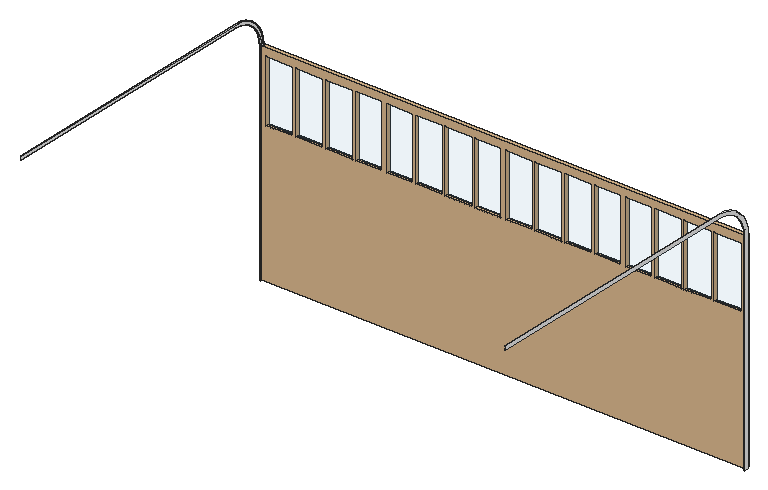
Revit family
Parameters (values of type "7Ft H x 16Ft W")
  Track Width = Width + 0' 2"  # 16' - 2"
  Track Height = Height + 1' 0"  # 8' - 0"
  Track Depth = 10' - 0"
  Track = Metal
  SmartBIM Object Version = 1  # constant formula
  SmartBIM Object Created By = "Reed Construction Data"  # constant formula
  Panel Thickness = 0' - 1 1/2"
  Manufacturer = ""
  Height = 7' - 0"
  Wall Closure = (empty or 0)
  Width = 16' - 0"
  Door Glass = Glass
  Door = Wood
  Assembly Code = ""
  95 CSI = "08360"  # constant formula
  04 CSI = "08 36 13"  # constant formula
Types (2): name | Track Width | Width
  7Ft H x 8Ft W | 8' - 2" | 8' - 0"
  7Ft H x 16Ft W | 16' - 2" | 16' - 0"
Reference planes (in)
  plane 1 "Center (Front/Back)": y = 0
  plane 2 "Center (Left/Right)": x = 0
  plane 3 "Left": x = -96
  plane 4 "Right": x = 96
  plane 5 "Top": z = 84
  plane 6: x = -97
  plane 7: x = 97
  plane 8: y = -2.5
  plane 9: x = -48
  plane 10: x = 48
  plane 11: z = 81
  plane 12: z = 3
  plane 13: z = 55
  plane 14: z = 29
  plane 15: x = 84
  plane 16: x = 72
  plane 17: x = 60
  plane 18: x = 12
  plane 19: x = 24
  plane 20: x = 36
  plane 21: x = -12
  plane 22: x = -24
  plane 23: x = -36
  plane 24: x = -84
  plane 25: x = -72
  plane 26: x = -60
  plane 27: z = 56
  plane 28 "Exterior": y = -1.75
  plane 29 "Interior": y = -3.25
  plane 30: y = -2.5
  plane 31: y = -2.5
Forms (in)
  Extrusion 1, solid, material "Wood" <- "Door"
    sketch origin (0, 0, 0) x (1, 0, 0) y (0, 0, 1)
      loop
        line (-97, 84) -> (-97, 0) -> (97, 0) -> (97, 84) -> (-97, 84)
      loop
        line (-95.5, 56) -> (-84.5, 56) -> (-84.5, 81) -> (-95.5, 81) -> (-95.5, 56)
      loop
        line (95.5, 56) -> (95.5, 81) -> (84.5, 81) -> (84.5, 56) -> (95.5, 56)
      loop
        line (83.5, 56) -> (83.5, 81) -> (72.5, 81) -> (72.5, 56) -> (83.5, 56)
      loop
        line (71.5, 56) -> (71.5, 81) -> (60.5, 81) -> (60.5, 56) -> (71.5, 56)
      loop
        line (59.5, 56) -> (59.5, 81) -> (49, 81) -> (49, 56) -> (59.5, 56)
      loop
        line (47, 56) -> (47, 81) -> (36.5, 81) -> (36.5, 56) -> (47, 56)
      loop
        line (1, 81) -> (1, 56) -> (11.5, 56) -> (11.5, 81) -> (1, 81)
      loop
        line (-1, 56) -> (-1, 81) -> (-11.5, 81) -> (-11.5, 56) -> (-1, 56)
      loop
        line (-47, 81) -> (-47, 56) -> (-36.5, 56) -> (-36.5, 81) -> (-47, 81)
      loop
        line (-49, 56) -> (-49, 81) -> (-59.5, 81) -> (-59.5, 56) -> (-49, 56)
      loop
        line (35.5, 56) -> (35.5, 81) -> (24.5, 81) -> (24.5, 56) -> (35.5, 56)
      loop
        line (23.5, 56) -> (23.5, 81) -> (12.5, 81) -> (12.5, 56) -> (23.5, 56)
      loop
        line (-12.5, 56) -> (-12.5, 81) -> (-23.5, 81) -> (-23.5, 56) -> (-12.5, 56)
      loop
        line (-24.5, 56) -> (-24.5, 81) -> (-35.5, 81) -> (-35.5, 56) -> (-24.5, 56)
      loop
        line (-60.5, 56) -> (-60.5, 81) -> (-71.5, 81) -> (-71.5, 56) -> (-60.5, 56)
      loop
        line (-72.5, 56) -> (-72.5, 81) -> (-83.5, 81) -> (-83.5, 56) -> (-72.5, 56)
    from 3.25 to 1.75
  Extrusion 2, solid, material "Glass" <- "Door Glass"
    sketch origin (0, -1.75, 0) x (1, 0, 0) y (0, 0, 1)
      loop
        line (84.5, 81) -> (84.5, 56) -> (95.5, 56) -> (95.5, 81) -> (84.5, 81)
      loop
        line (72.5, 81) -> (72.5, 56) -> (83.5, 56) -> (83.5, 81) -> (72.5, 81)
      loop
        line (60.5, 81) -> (60.5, 56) -> (71.5, 56) -> (71.5, 81) -> (60.5, 81)
      loop
        line (49, 81) -> (49, 56) -> (59.5, 56) -> (59.5, 81) -> (49, 81)
      loop
        line (36.5, 81) -> (36.5, 56) -> (47, 56) -> (47, 81) -> (36.5, 81)
      loop
        line (24.5, 81) -> (24.5, 56) -> (35.5, 56) -> (35.5, 81) -> (24.5, 81)
      loop
        line (12.5, 81) -> (12.5, 56) -> (23.5, 56) -> (23.5, 81) -> (12.5, 81)
      loop
        line (1, 81) -> (1, 56) -> (11.5, 56) -> (11.5, 81) -> (1, 81)
      loop
        line (-11.5, 81) -> (-11.5, 56) -> (-1, 56) -> (-1, 81) -> (-11.5, 81)
      loop
        line (-23.5, 81) -> (-23.5, 56) -> (-12.5, 56) -> (-12.5, 81) -> (-23.5, 81)
      loop
        line (-35.5, 81) -> (-35.5, 56) -> (-24.5, 56) -> (-24.5, 81) -> (-35.5, 81)
      loop
        line (-47, 81) -> (-47, 56) -> (-36.5, 56) -> (-36.5, 81) -> (-47, 81)
      loop
        line (-59.5, 81) -> (-59.5, 56) -> (-49, 56) -> (-49, 81) -> (-59.5, 81)
      loop
        line (-71.5, 81) -> (-71.5, 56) -> (-60.5, 56) -> (-60.5, 81) -> (-71.5, 81)
      loop
        line (-83.5, 81) -> (-83.5, 56) -> (-72.5, 56) -> (-72.5, 81) -> (-83.5, 81)
      loop
        line (-84.5, 56) -> (-84.5, 81) -> (-95.5, 81) -> (-95.5, 56) -> (-84.5, 56)
    from 0.625 to 0.875
Lines and regions (in)
  Opening 1
    outline origin (-90, -1.75, 0) x (1, 0, 0) y (0, 0, 1)
      loop
        line (-6, 0) -> (186, 0) -> (186, 84) -> (-6, 84) -> (-6, 0)
  model lines
    curve 1: line (95.5, -1.75, 53.5) -> (84.5, -1.75, 53.5)
    curve 2: line (84.5, -1.75, 53.5) -> (84.5, -1.75, 30)
    curve 3: line (95.5, -1.75, 30) -> (95.5, -1.75, 53.5)
    curve 4: line (84.5, -1.75, 30) -> (95.5, -1.75, 30)
    curve 5: line (72.5, -1.75, 53.5) -> (83.5, -1.75, 53.5)
    curve 6: line (83.5, -1.75, 53.5) -> (83.5, -1.75, 30)
    curve 7: line (72.5, -1.75, 30) -> (72.5, -1.75, 53.5)
    curve 8: line (83.5, -1.75, 30) -> (72.5, -1.75, 30)
    curve 9: line (71.5, -1.75, 53.5) -> (60.5, -1.75, 53.5)
    curve 10: line (60.5, -1.75, 53.5) -> (60.5, -1.75, 30)
    curve 11: line (71.5, -1.75, 30) -> (71.5, -1.75, 53.5)
    curve 12: line (60.5, -1.75, 30) -> (71.5, -1.75, 30)
    curve 13: line (49, -1.75, 53.5) -> (59.5, -1.75, 53.5)
    curve 14: line (59.5, -1.75, 53.5) -> (59.5, -1.75, 30)
    curve 15: line (49, -1.75, 30) -> (49, -1.75, 53.5)
    curve 16: line (59.5, -1.75, 30) -> (49, -1.75, 30)
    curve 17: line (47, -1.75, 53.5) -> (36.5, -1.75, 53.5)
    curve 18: line (36.5, -1.75, 53.5) -> (36.5, -1.75, 30)
    curve 19: line (47, -1.75, 30) -> (47, -1.75, 53.5)
    curve 20: line (36.5, -1.75, 30) -> (47, -1.75, 30)
    curve 21: line (24.5, -1.75, 53.5) -> (35.5, -1.75, 53.5)
    curve 22: line (35.5, -1.75, 53.5) -> (35.5, -1.75, 30)
    curve 23: line (24.5, -1.75, 30) -> (24.5, -1.75, 53.5)
    curve 24: line (35.5, -1.75, 30) -> (24.5, -1.75, 30)
    curve 25: line (23.5, -1.75, 53.5) -> (12.5, -1.75, 53.5)
    curve 26: line (12.5, -1.75, 53.5) -> (12.5, -1.75, 30)
    curve 27: line (23.5, -1.75, 30) -> (23.5, -1.75, 53.5)
    curve 28: line (12.5, -1.75, 30) -> (23.5, -1.75, 30)
    curve 29: line (1, -1.75, 53.5) -> (11.5, -1.75, 53.5)
    curve 30: line (11.5, -1.75, 53.5) -> (11.5, -1.75, 30)
    curve 31: line (1, -1.75, 30) -> (1, -1.75, 53.5)
    curve 32: line (11.5, -1.75, 30) -> (1, -1.75, 30)
    curve 33: line (-1, -1.75, 53.5) -> (-11.5, -1.75, 53.5)
    curve 34: line (-11.5, -1.75, 53.5) -> (-11.5, -1.75, 30)
    curve 35: line (-1, -1.75, 30) -> (-1, -1.75, 53.5)
    curve 36: line (-11.5, -1.75, 30) -> (-1, -1.75, 30)
    curve 37: line (-23.5, -1.75, 53.5) -> (-12.5, -1.75, 53.5)
    curve 38: line (-12.5, -1.75, 53.5) -> (-12.5, -1.75, 30)
    curve 39: line (-23.5, -1.75, 30) -> (-23.5, -1.75, 53.5)
    curve 40: line (-12.5, -1.75, 30) -> (-23.5, -1.75, 30)
    curve 41: line (-24.5, -1.75, 53.5) -> (-35.5, -1.75, 53.5)
    curve 42: line (-35.5, -1.75, 53.5) -> (-35.5, -1.75, 30)
    curve 43: line (-24.5, -1.75, 30) -> (-24.5, -1.75, 53.5)
    curve 44: line (-35.5, -1.75, 30) -> (-24.5, -1.75, 30)
    curve 45: line (-47, -1.75, 53.5) -> (-36.5, -1.75, 53.5)
    curve 46: line (-36.5, -1.75, 53.5) -> (-36.5, -1.75, 30)
    curve 47: line (-47, -1.75, 30) -> (-47, -1.75, 53.5)
    curve 48: line (-36.5, -1.75, 30) -> (-47, -1.75, 30)
    curve 49: line (-49, -1.75, 53.5) -> (-59.5, -1.75, 53.5)
    curve 50: line (-59.5, -1.75, 53.5) -> (-59.5, -1.75, 30)
    curve 51: line (-49, -1.75, 30) -> (-49, -1.75, 53.5)
    curve 52: line (-59.5, -1.75, 30) -> (-49, -1.75, 30)
    curve 53: line (-71.5, -1.75, 53.5) -> (-60.5, -1.75, 53.5)
    curve 54: line (-60.5, -1.75, 53.5) -> (-60.5, -1.75, 30)
    curve 55: line (-71.5, -1.75, 30) -> (-71.5, -1.75, 53.5)
    curve 56: line (-60.5, -1.75, 30) -> (-71.5, -1.75, 30)
    curve 57: line (-72.5, -1.75, 53.5) -> (-83.5, -1.75, 53.5)
    curve 58: line (-83.5, -1.75, 53.5) -> (-83.5, -1.75, 30)
    curve 59: line (-72.5, -1.75, 30) -> (-72.5, -1.75, 53.5)
    curve 60: line (-83.5, -1.75, 30) -> (-72.5, -1.75, 30)
    curve 61: line (-95.5, -1.75, 53.5) -> (-84.5, -1.75, 53.5)
    curve 62: line (-84.5, -1.75, 53.5) -> (-84.5, -1.75, 30)
    curve 63: line (-95.5, -1.75, 30) -> (-95.5, -1.75, 53.5)
    curve 64: line (-84.5, -1.75, 30) -> (-95.5, -1.75, 30)
    curve 65: line (95.5, -1.75, 3.5) -> (84.5, -1.75, 3.5)
    curve 66: line (84.5, -1.75, 3.5) -> (84.5, -1.75, 27)
    curve 67: line (95.5, -1.75, 27) -> (95.5, -1.75, 3.5)
    curve 68: line (84.5, -1.75, 27) -> (95.5, -1.75, 27)
    curve 69: line (72.5, -1.75, 3.5) -> (83.5, -1.75, 3.5)
    curve 70: line (83.5, -1.75, 3.5) -> (83.5, -1.75, 27)
    curve 71: line (72.5, -1.75, 27) -> (72.5, -1.75, 3.5)
    curve 72: line (83.5, -1.75, 27) -> (72.5, -1.75, 27)
    curve 73: line (71.5, -1.75, 3.5) -> (60.5, -1.75, 3.5)
    curve 74: line (60.5, -1.75, 3.5) -> (60.5, -1.75, 27)
    curve 75: line (71.5, -1.75, 27) -> (71.5, -1.75, 3.5)
    curve 76: line (60.5, -1.75, 27) -> (71.5, -1.75, 27)
    curve 77: line (49, -1.75, 3.5) -> (59.5, -1.75, 3.5)
    curve 78: line (59.5, -1.75, 3.5) -> (59.5, -1.75, 27)
    curve 79: line (49, -1.75, 27) -> (49, -1.75, 3.5)
    curve 80: line (59.5, -1.75, 27) -> (49, -1.75, 27)
    curve 81: line (47, -1.75, 3.5) -> (36.5, -1.75, 3.5)
    curve 82: line (36.5, -1.75, 3.5) -> (36.5, -1.75, 27)
    curve 83: line (47, -1.75, 27) -> (47, -1.75, 3.5)
    curve 84: line (36.5, -1.75, 27) -> (47, -1.75, 27)
    curve 85: line (24.5, -1.75, 3.5) -> (35.5, -1.75, 3.5)
    curve 86: line (35.5, -1.75, 3.5) -> (35.5, -1.75, 27)
    curve 87: line (24.5, -1.75, 27) -> (24.5, -1.75, 3.5)
    curve 88: line (35.5, -1.75, 27) -> (24.5, -1.75, 27)
    curve 89: line (23.5, -1.75, 3.5) -> (12.5, -1.75, 3.5)
    curve 90: line (12.5, -1.75, 3.5) -> (12.5, -1.75, 27)
    curve 91: line (23.5, -1.75, 27) -> (23.5, -1.75, 3.5)
    curve 92: line (12.5, -1.75, 27) -> (23.5, -1.75, 27)
    curve 93: line (1, -1.75, 3.5) -> (11.5, -1.75, 3.5)
    curve 94: line (11.5, -1.75, 3.5) -> (11.5, -1.75, 27)
    curve 95: line (1, -1.75, 27) -> (1, -1.75, 3.5)
    curve 96: line (11.5, -1.75, 27) -> (1, -1.75, 27)
    curve 97: line (-1, -1.75, 3.5) -> (-11.5, -1.75, 3.5)
    curve 98: line (-11.5, -1.75, 3.5) -> (-11.5, -1.75, 27)
    curve 99: line (-1, -1.75, 27) -> (-1, -1.75, 3.5)
    curve 100: line (-11.5, -1.75, 27) -> (-1, -1.75, 27)
    curve 101: line (-23.5, -1.75, 3.5) -> (-12.5, -1.75, 3.5)
    curve 102: line (-12.5, -1.75, 3.5) -> (-12.5, -1.75, 27)
    curve 103: line (-23.5, -1.75, 27) -> (-23.5, -1.75, 3.5)
    curve 104: line (-12.5, -1.75, 27) -> (-23.5, -1.75, 27)
    curve 105: line (-24.5, -1.75, 3.5) -> (-35.5, -1.75, 3.5)
    curve 106: line (-35.5, -1.75, 3.5) -> (-35.5, -1.75, 27)
    curve 107: line (-24.5, -1.75, 27) -> (-24.5, -1.75, 3.5)
    curve 108: line (-35.5, -1.75, 27) -> (-24.5, -1.75, 27)
    curve 109: line (-47, -1.75, 3.5) -> (-36.5, -1.75, 3.5)
    curve 110: line (-36.5, -1.75, 3.5) -> (-36.5, -1.75, 27)
    curve 111: line (-47, -1.75, 27) -> (-47, -1.75, 3.5)
    curve 112: line (-36.5, -1.75, 27) -> (-47, -1.75, 27)
    curve 113: line (-49, -1.75, 3.5) -> (-59.5, -1.75, 3.5)
    curve 114: line (-59.5, -1.75, 3.5) -> (-59.5, -1.75, 27)
    curve 115: line (-49, -1.75, 27) -> (-49, -1.75, 3.5)
    curve 116: line (-59.5, -1.75, 27) -> (-49, -1.75, 27)
    curve 117: line (-71.5, -1.75, 3.5) -> (-60.5, -1.75, 3.5)
    curve 118: line (-60.5, -1.75, 3.5) -> (-60.5, -1.75, 27)
    curve 119: line (-71.5, -1.75, 27) -> (-71.5, -1.75, 3.5)
    curve 120: line (-60.5, -1.75, 27) -> (-71.5, -1.75, 27)
    curve 121: line (-72.5, -1.75, 3.5) -> (-83.5, -1.75, 3.5)
    curve 122: line (-83.5, -1.75, 3.5) -> (-83.5, -1.75, 27)
    curve 123: line (-72.5, -1.75, 27) -> (-72.5, -1.75, 3.5)
    curve 124: line (-83.5, -1.75, 27) -> (-72.5, -1.75, 27)
    curve 125: line (-95.5, -1.75, 3.5) -> (-84.5, -1.75, 3.5)
    curve 126: line (-84.5, -1.75, 3.5) -> (-84.5, -1.75, 27)
    curve 127: line (-95.5, -1.75, 27) -> (-95.5, -1.75, 3.5)
    curve 128: line (-84.5, -1.75, 27) -> (-95.5, -1.75, 27)
    curve 129: line (-95.5, -3.25, 53.5) -> (-95.5, -3.25, 30)
    curve 130: line (-84.5, -3.25, 30) -> (-84.5, -3.25, 53.5)
    curve 131: line (-84.5, -3.25, 53.5) -> (-95.5, -3.25, 53.5)
    curve 132: line (-95.5, -3.25, 30) -> (-84.5, -3.25, 30)
    curve 133: line (-72.5, -3.25, 53.5) -> (-72.5, -3.25, 30)
    curve 134: line (-83.5, -3.25, 30) -> (-83.5, -3.25, 53.5)
    curve 135: line (-83.5, -3.25, 53.5) -> (-72.5, -3.25, 53.5)
    curve 136: line (-72.5, -3.25, 30) -> (-83.5, -3.25, 30)
    curve 137: line (-71.5, -3.25, 53.5) -> (-71.5, -3.25, 30)
    curve 138: line (-60.5, -3.25, 30) -> (-60.5, -3.25, 53.5)
    curve 139: line (-60.5, -3.25, 53.5) -> (-71.5, -3.25, 53.5)
    curve 140: line (-71.5, -3.25, 30) -> (-60.5, -3.25, 30)
    curve 141: line (-49, -3.25, 53.5) -> (-49, -3.25, 30)
    curve 142: line (-59.5, -3.25, 30) -> (-59.5, -3.25, 53.5)
    curve 143: line (-59.5, -3.25, 53.5) -> (-49, -3.25, 53.5)
    curve 144: line (-49, -3.25, 30) -> (-59.5, -3.25, 30)
    curve 145: line (-47, -3.25, 53.5) -> (-47, -3.25, 30)
    curve 146: line (-36.5, -3.25, 30) -> (-36.5, -3.25, 53.5)
    curve 147: line (-36.5, -3.25, 53.5) -> (-47, -3.25, 53.5)
    curve 148: line (-47, -3.25, 30) -> (-36.5, -3.25, 30)
    curve 149: line (-24.5, -3.25, 53.5) -> (-24.5, -3.25, 30)
    curve 150: line (-35.5, -3.25, 30) -> (-35.5, -3.25, 53.5)
    curve 151: line (-35.5, -3.25, 53.5) -> (-24.5, -3.25, 53.5)
    curve 152: line (-24.5, -3.25, 30) -> (-35.5, -3.25, 30)
    curve 153: line (-23.5, -3.25, 53.5) -> (-23.5, -3.25, 30)
    curve 154: line (-12.5, -3.25, 30) -> (-12.5, -3.25, 53.5)
    curve 155: line (-12.5, -3.25, 53.5) -> (-23.5, -3.25, 53.5)
    curve 156: line (-23.5, -3.25, 30) -> (-12.5, -3.25, 30)
    curve 157: line (-1, -3.25, 53.5) -> (-1, -3.25, 30)
    curve 158: line (-11.5, -3.25, 30) -> (-11.5, -3.25, 53.5)
    curve 159: line (-11.5, -3.25, 53.5) -> (-1, -3.25, 53.5)
    curve 160: line (-1, -3.25, 30) -> (-11.5, -3.25, 30)
    curve 161: line (1, -3.25, 53.5) -> (1, -3.25, 30)
    curve 162: line (11.5, -3.25, 30) -> (11.5, -3.25, 53.5)
    curve 163: line (11.5, -3.25, 53.5) -> (1, -3.25, 53.5)
    curve 164: line (1, -3.25, 30) -> (11.5, -3.25, 30)
    curve 165: line (23.5, -3.25, 53.5) -> (23.5, -3.25, 30)
    curve 166: line (12.5, -3.25, 30) -> (12.5, -3.25, 53.5)
    curve 167: line (12.5, -3.25, 53.5) -> (23.5, -3.25, 53.5)
    curve 168: line (23.5, -3.25, 30) -> (12.5, -3.25, 30)
    curve 169: line (24.5, -3.25, 53.5) -> (24.5, -3.25, 30)
    curve 170: line (35.5, -3.25, 30) -> (35.5, -3.25, 53.5)
    curve 171: line (35.5, -3.25, 53.5) -> (24.5, -3.25, 53.5)
    curve 172: line (24.5, -3.25, 30) -> (35.5, -3.25, 30)
    curve 173: line (47, -3.25, 53.5) -> (47, -3.25, 30)
    curve 174: line (36.5, -3.25, 30) -> (36.5, -3.25, 53.5)
    curve 175: line (36.5, -3.25, 53.5) -> (47, -3.25, 53.5)
    curve 176: line (47, -3.25, 30) -> (36.5, -3.25, 30)
    curve 177: line (49, -3.25, 53.5) -> (49, -3.25, 30)
    curve 178: line (59.5, -3.25, 30) -> (59.5, -3.25, 53.5)
    curve 179: line (59.5, -3.25, 53.5) -> (49, -3.25, 53.5)
    curve 180: line (49, -3.25, 30) -> (59.5, -3.25, 30)
    curve 181: line (71.5, -3.25, 53.5) -> (71.5, -3.25, 30)
    curve 182: line (60.5, -3.25, 30) -> (60.5, -3.25, 53.5)
    curve 183: line (60.5, -3.25, 53.5) -> (71.5, -3.25, 53.5)
    curve 184: line (71.5, -3.25, 30) -> (60.5, -3.25, 30)
    curve 185: line (72.5, -3.25, 53.5) -> (72.5, -3.25, 30)
    curve 186: line (83.5, -3.25, 30) -> (83.5, -3.25, 53.5)
    curve 187: line (83.5, -3.25, 53.5) -> (72.5, -3.25, 53.5)
    curve 188: line (72.5, -3.25, 30) -> (83.5, -3.25, 30)
    curve 189: line (95.5, -3.25, 53.5) -> (95.5, -3.25, 30)
    curve 190: line (84.5, -3.25, 30) -> (84.5, -3.25, 53.5)
    curve 191: line (84.5, -3.25, 53.5) -> (95.5, -3.25, 53.5)
    curve 192: line (95.5, -3.25, 30) -> (84.5, -3.25, 30)
    curve 193: line (-95.5, -3.25, 3.5) -> (-95.5, -3.25, 27)
    curve 194: line (-84.5, -3.25, 27) -> (-84.5, -3.25, 3.5)
    curve 195: line (-84.5, -3.25, 3.5) -> (-95.5, -3.25, 3.5)
    curve 196: line (-95.5, -3.25, 27) -> (-84.5, -3.25, 27)
    curve 197: line (-72.5, -3.25, 3.5) -> (-72.5, -3.25, 27)
    curve 198: line (-83.5, -3.25, 27) -> (-83.5, -3.25, 3.5)
    curve 199: line (-83.5, -3.25, 3.5) -> (-72.5, -3.25, 3.5)
    curve 200: line (-72.5, -3.25, 27) -> (-83.5, -3.25, 27)
    curve 201: line (-71.5, -3.25, 3.5) -> (-71.5, -3.25, 27)
    curve 202: line (-60.5, -3.25, 27) -> (-60.5, -3.25, 3.5)
    curve 203: line (-60.5, -3.25, 3.5) -> (-71.5, -3.25, 3.5)
    curve 204: line (-71.5, -3.25, 27) -> (-60.5, -3.25, 27)
    curve 205: line (-49, -3.25, 3.5) -> (-49, -3.25, 27)
    curve 206: line (-59.5, -3.25, 27) -> (-59.5, -3.25, 3.5)
    curve 207: line (-59.5, -3.25, 3.5) -> (-49, -3.25, 3.5)
    curve 208: line (-49, -3.25, 27) -> (-59.5, -3.25, 27)
    curve 209: line (-47, -3.25, 3.5) -> (-47, -3.25, 27)
    curve 210: line (-36.5, -3.25, 27) -> (-36.5, -3.25, 3.5)
    curve 211: line (-36.5, -3.25, 3.5) -> (-47, -3.25, 3.5)
    curve 212: line (-47, -3.25, 27) -> (-36.5, -3.25, 27)
    curve 213: line (-24.5, -3.25, 3.5) -> (-24.5, -3.25, 27)
    curve 214: line (-35.5, -3.25, 27) -> (-35.5, -3.25, 3.5)
    curve 215: line (-35.5, -3.25, 3.5) -> (-24.5, -3.25, 3.5)
    curve 216: line (-24.5, -3.25, 27) -> (-35.5, -3.25, 27)
    curve 217: line (-23.5, -3.25, 3.5) -> (-23.5, -3.25, 27)
    curve 218: line (-12.5, -3.25, 27) -> (-12.5, -3.25, 3.5)
    curve 219: line (-12.5, -3.25, 3.5) -> (-23.5, -3.25, 3.5)
    curve 220: line (-23.5, -3.25, 27) -> (-12.5, -3.25, 27)
    curve 221: line (-1, -3.25, 3.5) -> (-1, -3.25, 27)
    curve 222: line (-11.5, -3.25, 27) -> (-11.5, -3.25, 3.5)
    curve 223: line (-11.5, -3.25, 3.5) -> (-1, -3.25, 3.5)
    curve 224: line (-1, -3.25, 27) -> (-11.5, -3.25, 27)
    curve 225: line (1, -3.25, 3.5) -> (1, -3.25, 27)
    curve 226: line (11.5, -3.25, 27) -> (11.5, -3.25, 3.5)
    curve 227: line (11.5, -3.25, 3.5) -> (1, -3.25, 3.5)
    curve 228: line (1, -3.25, 27) -> (11.5, -3.25, 27)
    curve 229: line (23.5, -3.25, 3.5) -> (23.5, -3.25, 27)
    curve 230: line (12.5, -3.25, 27) -> (12.5, -3.25, 3.5)
    curve 231: line (12.5, -3.25, 3.5) -> (23.5, -3.25, 3.5)
    curve 232: line (23.5, -3.25, 27) -> (12.5, -3.25, 27)
    curve 233: line (24.5, -3.25, 3.5) -> (24.5, -3.25, 27)
    curve 234: line (35.5, -3.25, 27) -> (35.5, -3.25, 3.5)
    curve 235: line (35.5, -3.25, 3.5) -> (24.5, -3.25, 3.5)
    curve 236: line (24.5, -3.25, 27) -> (35.5, -3.25, 27)
    curve 237: line (47, -3.25, 3.5) -> (47, -3.25, 27)
    curve 238: line (36.5, -3.25, 27) -> (36.5, -3.25, 3.5)
    curve 239: line (36.5, -3.25, 3.5) -> (47, -3.25, 3.5)
    curve 240: line (47, -3.25, 27) -> (36.5, -3.25, 27)
    curve 241: line (49, -3.25, 3.5) -> (49, -3.25, 27)
    curve 242: line (59.5, -3.25, 27) -> (59.5, -3.25, 3.5)
    curve 243: line (59.5, -3.25, 3.5) -> (49, -3.25, 3.5)
    curve 244: line (49, -3.25, 27) -> (59.5, -3.25, 27)
    curve 245: line (71.5, -3.25, 3.5) -> (71.5, -3.25, 27)
    curve 246: line (60.5, -3.25, 27) -> (60.5, -3.25, 3.5)
    curve 247: line (60.5, -3.25, 3.5) -> (71.5, -3.25, 3.5)
    curve 248: line (71.5, -3.25, 27) -> (60.5, -3.25, 27)
    curve 249: line (72.5, -3.25, 3.5) -> (72.5, -3.25, 27)
    curve 250: line (83.5, -3.25, 27) -> (83.5, -3.25, 3.5)
    curve 251: line (83.5, -3.25, 3.5) -> (72.5, -3.25, 3.5)
    curve 252: line (72.5, -3.25, 27) -> (83.5, -3.25, 27)
    curve 253: line (95.5, -3.25, 3.5) -> (95.5, -3.25, 27)
    curve 254: line (84.5, -3.25, 27) -> (84.5, -3.25, 3.5)
    curve 255: line (84.5, -3.25, 3.5) -> (95.5, -3.25, 3.5)
    curve 256: line (95.5, -3.25, 27) -> (84.5, -3.25, 27)
Text (in)
  text "Exterior" at (-74.96733, 27.31104, 0), in view "Ref. Level"
  text "Interior" at (-76.69036, -30.31274, 0), in view "Ref. Level"
  text "Exterior" at (0, 40.15149, 123.01588), in view "Right"
  text "Interior" at (0, -64.39139, 123.01588), in view "Right"
  text "Interior" at (0, -31.01599, 123.00693), in view "Left"
  text "Exterior" at (0, 54.57065, 123.00693), in view "Left"
Dimensions and locks (in)
  equal spacing: plane 3 "Left", plane 9, plane 2 "Center (Left/Right)", plane 10, plane 4 "Right"
  "Height": level to plane 5 "Top"
  "Width": plane 3 "Left" to plane 4 "Right"
  locked: plane 6 to plane 3 "Left" at 1
  locked: plane 4 "Right" to plane 7 at 1
  locked: plane 11 to plane 5 "Top" at 3
  locked: level to plane 12 at 3
  equal spacing: plane 12, plane 14, plane 13, plane 11
  equal spacing: plane 10, plane 17, plane 16, plane 15, plane 4 "Right"
  equal spacing: plane 2 "Center (Left/Right)", plane 18, plane 19, plane 20, plane 10
  equal spacing: plane 9, plane 23, plane 22, plane 21, plane 2 "Center (Left/Right)"
  equal spacing: plane 9, plane 26, plane 25, plane 24, plane 3 "Left"
  equal spacing: Extrusion 1 sketch curve, plane 15, Extrusion 1 sketch curve
  locked: Extrusion 1 sketch curve to Extrusion 1 sketch curve at 1  (x12)
  equal spacing: Extrusion 1 sketch curve, plane 16, Extrusion 1 sketch curve
  equal spacing: Extrusion 1 sketch curve, plane 17, Extrusion 1 sketch curve
  equal spacing: Extrusion 1 sketch curve, plane 10, Extrusion 1 sketch curve
  locked: Extrusion 1 sketch curve to Extrusion 1 sketch curve at 2  (x3)
  equal spacing: Extrusion 1 sketch curve, plane 20, Extrusion 1 sketch curve
  equal spacing: Extrusion 1 sketch curve, plane 19, Extrusion 1 sketch curve
  equal spacing: Extrusion 1 sketch curve, plane 18, Extrusion 1 sketch curve
  equal spacing: Extrusion 1 sketch curve, plane 2 "Center (Left/Right)", Extrusion 1 sketch curve
  equal spacing: Extrusion 1 sketch curve, plane 21, Extrusion 1 sketch curve
  equal spacing: Extrusion 1 sketch curve, plane 22, Extrusion 1 sketch curve
  equal spacing: Extrusion 1 sketch curve, plane 23, Extrusion 1 sketch curve
  equal spacing: Extrusion 1 sketch curve, plane 9, Extrusion 1 sketch curve
  equal spacing: Extrusion 1 sketch curve, plane 26, Extrusion 1 sketch curve
  equal spacing: Extrusion 1 sketch curve, plane 25, Extrusion 1 sketch curve
  equal spacing: Extrusion 1 sketch curve, plane 24, Extrusion 1 sketch curve
  locked: Extrusion 1 sketch curve to plane 3 "Left" at 0.5
  locked: Extrusion 1 sketch curve to plane 7 at 1.5
  locked: plane 13 to plane 27 at 1
  locked: curve 1 to plane 13 at 1.5
  locked: curve 3 to plane 7 at 1.5
  locked: plane 14 to curve 4 at 1
  locked: plane 6 to curve 63 at 1.5
  locked: curve 68 to plane 14 at 2
  locked: plane 7 to curve 67 at 1.5
  locked: plane 12 to curve 65 at 0.5
  locked: plane 13 to curve 131 at 1.5
  locked: plane 3 "Left" to curve 129 at 0.5
  locked: curve 132 to plane 14 at 1
  locked: plane 14 to curve 196 at 2
  locked: curve 195 to plane 12 at 0.5
  equal spacing: Extrusion 1, plane 30, Extrusion 1  (x3)
  "Panel Thickness": Extrusion 1 to Extrusion 1  (x2)
  "Panel Thickness": plane 29 "Interior" to plane 28 "Exterior"
  equal spacing: Extrusion 2, plane 31, Extrusion 2
  locked: Extrusion 2 to Extrusion 2 at 0.25
  Extrusion 2 to Extrusion 2 to Extrusion 1 = 0' - 0 1/4" locked, 0' - 0 5/8" locked
  aligned and locked: plane 3 "Left" to Opening 1 sketch curve
  aligned and locked: plane 5 "Top" to Opening 1 sketch curve
  aligned and locked: Opening 1 sketch curve to plane 5 "Top"
  aligned and locked: Opening 1 sketch curve to plane 4 "Right"
  aligned and locked: Opening 1 sketch curve to level
  aligned and locked: Extrusion 1 sketch curve to plane 6
  aligned and locked: Extrusion 1 sketch curve to plane 7
  aligned and locked: Extrusion 1 sketch curve to level
  aligned and locked: Extrusion 1 sketch curve to host wall
  aligned and locked: plane 11 to Extrusion 1 sketch curve
  aligned and locked: plane 27 to Extrusion 1
  aligned and locked: Extrusion 1 sketch curve to plane 27  (x16)
  aligned and locked: Extrusion 1 to curve 2
  aligned and locked: curve 5 to curve 1
  aligned and locked: curve 1 to curve 9
  aligned and locked: curve 13 to curve 1
  aligned and locked: curve 1 to curve 17
  aligned and locked: curve 21 to curve 1
  aligned and locked: curve 1 to curve 25
  aligned and locked: curve 29 to curve 1
  aligned and locked: curve 1 to curve 33
  aligned and locked: curve 37 to curve 1
  aligned and locked: curve 1 to curve 41
  aligned and locked: curve 45 to curve 1
  aligned and locked: curve 1 to curve 49
  aligned and locked: curve 53 to curve 1
  aligned and locked: curve 1 to curve 57
  aligned and locked: curve 61 to curve 57
  aligned and locked: curve 4 to curve 8
  aligned and locked: curve 12 to curve 4
  aligned and locked: curve 4 to curve 16
  aligned and locked: curve 20 to curve 4
  aligned and locked: curve 4 to curve 24
  aligned and locked: curve 28 to curve 4
  aligned and locked: curve 4 to curve 32
  aligned and locked: curve 36 to curve 4
  aligned and locked: curve 4 to curve 40
  aligned and locked: curve 44 to curve 4
  aligned and locked: curve 4 to curve 48
  aligned and locked: curve 52 to curve 4
  aligned and locked: curve 4 to curve 56
  aligned and locked: curve 60 to curve 4
  aligned and locked: curve 4 to curve 64
  aligned and locked: Extrusion 1 to curve 62
  aligned and locked: Extrusion 1 to curve 58
  aligned and locked: curve 59 to Extrusion 1
  aligned and locked: curve 55 to Extrusion 1
  aligned and locked: Extrusion 1 to curve 54
  aligned and locked: Extrusion 1 to curve 50
  aligned and locked: curve 51 to Extrusion 1
  aligned and locked: curve 47 to Extrusion 1
  aligned and locked: Extrusion 1 to curve 46
  aligned and locked: Extrusion 1 to curve 42
  aligned and locked: curve 43 to Extrusion 1
  aligned and locked: curve 39 to Extrusion 1
  aligned and locked: Extrusion 1 to curve 38
  aligned and locked: Extrusion 1 to curve 34
  aligned and locked: curve 35 to Extrusion 1
  aligned and locked: curve 31 to Extrusion 1
  aligned and locked: Extrusion 1 to curve 30
  aligned and locked: Extrusion 1 to curve 26
  aligned and locked: curve 27 to Extrusion 1
  aligned and locked: curve 23 to Extrusion 1
  aligned and locked: Extrusion 1 to curve 22
  aligned and locked: Extrusion 1 to curve 18
  aligned and locked: curve 19 to Extrusion 1
  aligned and locked: curve 15 to Extrusion 1
  aligned and locked: Extrusion 1 to curve 14
  aligned and locked: Extrusion 1 to curve 10
  aligned and locked: curve 11 to Extrusion 1
  aligned and locked: curve 7 to Extrusion 1
  aligned and locked: Extrusion 1 to curve 6
  aligned and locked: curve 66 to curve 2
  aligned and locked: curve 68 to curve 72
  aligned and locked: curve 76 to curve 68
  aligned and locked: curve 68 to curve 80
  aligned and locked: curve 84 to curve 68
  aligned and locked: curve 84 to curve 88
  aligned and locked: curve 92 to curve 84
  aligned and locked: curve 84 to curve 96
  aligned and locked: curve 100 to curve 84
  aligned and locked: curve 84 to curve 104
  aligned and locked: curve 108 to curve 84
  aligned and locked: curve 84 to curve 112
  aligned and locked: curve 116 to curve 84
  aligned and locked: curve 84 to curve 120
  aligned and locked: curve 124 to curve 84
  aligned and locked: curve 84 to curve 128
  aligned and locked: curve 69 to curve 65
  aligned and locked: curve 65 to curve 73
  aligned and locked: curve 77 to curve 65
  aligned and locked: curve 65 to curve 81
  aligned and locked: curve 85 to curve 65
  aligned and locked: curve 65 to curve 89
  aligned and locked: curve 93 to curve 65
  aligned and locked: curve 65 to curve 97
  aligned and locked: curve 101 to curve 65
  aligned and locked: curve 65 to curve 105
  aligned and locked: curve 109 to curve 65
  aligned and locked: curve 65 to curve 113
  aligned and locked: curve 117 to curve 65
  aligned and locked: curve 65 to curve 121
  aligned and locked: curve 125 to curve 65
  aligned and locked: curve 63 to curve 127
  aligned and locked: curve 126 to curve 62
  aligned and locked: curve 122 to curve 58
  aligned and locked: curve 59 to curve 123
  aligned and locked: curve 55 to curve 119
  aligned and locked: curve 118 to curve 54
  aligned and locked: curve 114 to curve 50
  aligned and locked: curve 51 to curve 115
  aligned and locked: curve 47 to curve 111
  aligned and locked: curve 110 to curve 46
  aligned and locked: curve 106 to curve 42
  aligned and locked: curve 43 to curve 107
  aligned and locked: curve 39 to curve 103
  aligned and locked: curve 102 to curve 38
  aligned and locked: curve 98 to curve 34
  aligned and locked: curve 35 to curve 99
  aligned and locked: curve 31 to curve 95
  aligned and locked: curve 94 to curve 30
  aligned and locked: curve 90 to curve 26
  aligned and locked: curve 27 to curve 91
  aligned and locked: curve 23 to curve 87
  aligned and locked: curve 86 to curve 22
  aligned and locked: curve 82 to curve 18
  aligned and locked: curve 19 to curve 83
  aligned and locked: curve 15 to curve 79
  aligned and locked: curve 78 to curve 14
  aligned and locked: curve 74 to curve 10
  aligned and locked: curve 11 to curve 75
  aligned and locked: curve 7 to curve 71
  aligned and locked: curve 70 to curve 6
  aligned and locked: curve 131 to curve 135
  aligned and locked: curve 139 to curve 131
  aligned and locked: curve 131 to curve 143
  aligned and locked: curve 147 to curve 131
  aligned and locked: curve 131 to curve 151
  aligned and locked: curve 155 to curve 131
  aligned and locked: curve 131 to curve 159
  aligned and locked: curve 163 to curve 131
  aligned and locked: curve 131 to curve 167
  aligned and locked: curve 171 to curve 131
  aligned and locked: curve 131 to curve 175
  aligned and locked: curve 179 to curve 131
  aligned and locked: curve 131 to curve 183
  aligned and locked: curve 187 to curve 131
  aligned and locked: curve 131 to curve 191
  aligned and locked: curve 136 to curve 132
  aligned and locked: curve 132 to curve 140
  aligned and locked: curve 144 to curve 132
  aligned and locked: curve 132 to curve 148
  aligned and locked: curve 152 to curve 132
  aligned and locked: curve 132 to curve 156
  aligned and locked: curve 160 to curve 132
  aligned and locked: curve 132 to curve 164
  aligned and locked: curve 168 to curve 132
  aligned and locked: curve 132 to curve 172
  aligned and locked: curve 176 to curve 132
  aligned and locked: curve 132 to curve 180
  aligned and locked: curve 184 to curve 132
  aligned and locked: curve 132 to curve 188
  aligned and locked: curve 192 to curve 132
  aligned and locked: curve 130 to Extrusion 1
  aligned and locked: curve 134 to Extrusion 1
  aligned and locked: Extrusion 1 to curve 133
  aligned and locked: Extrusion 1 to curve 137
  aligned and locked: curve 138 to Extrusion 1
  aligned and locked: curve 142 to Extrusion 1
  aligned and locked: Extrusion 1 to curve 141
  aligned and locked: Extrusion 1 to curve 145
  aligned and locked: curve 146 to Extrusion 1
  aligned and locked: curve 150 to Extrusion 1
  aligned and locked: Extrusion 1 to curve 149
  aligned and locked: Extrusion 1 to curve 153
  aligned and locked: curve 154 to Extrusion 1
  aligned and locked: curve 158 to Extrusion 1
  aligned and locked: Extrusion 1 to curve 157
  aligned and locked: Extrusion 1 to curve 161
  aligned and locked: curve 162 to Extrusion 1
  aligned and locked: curve 166 to Extrusion 1
  aligned and locked: Extrusion 1 to curve 165
  aligned and locked: Extrusion 1 to curve 169
  aligned and locked: curve 170 to Extrusion 1
  aligned and locked: curve 174 to Extrusion 1
  aligned and locked: Extrusion 1 to curve 173
  aligned and locked: Extrusion 1 to curve 177
  aligned and locked: curve 178 to Extrusion 1
  aligned and locked: curve 182 to Extrusion 1
  aligned and locked: Extrusion 1 to curve 181
  aligned and locked: Extrusion 1 to curve 185
  aligned and locked: curve 186 to Extrusion 1
  aligned and locked: curve 190 to Extrusion 1
  aligned and locked: Extrusion 1 to curve 189
  aligned and locked: curve 193 to curve 129
  aligned and locked: curve 130 to curve 194
  aligned and locked: curve 200 to curve 196
  aligned and locked: curve 196 to curve 204
  aligned and locked: curve 208 to curve 196
  aligned and locked: curve 196 to curve 212
  aligned and locked: curve 216 to curve 196
  aligned and locked: curve 196 to curve 220
  aligned and locked: curve 224 to curve 196
  aligned and locked: curve 196 to curve 228
  aligned and locked: curve 232 to curve 196
  aligned and locked: curve 196 to curve 236
  aligned and locked: curve 240 to curve 196
  aligned and locked: curve 196 to curve 244
  aligned and locked: curve 248 to curve 196
  aligned and locked: curve 196 to curve 252
  aligned and locked: curve 256 to curve 196
  aligned and locked: curve 195 to curve 199
  aligned and locked: curve 203 to curve 195
  aligned and locked: curve 195 to curve 207
  aligned and locked: curve 211 to curve 195
  aligned and locked: curve 195 to curve 215
  aligned and locked: curve 219 to curve 195
  aligned and locked: curve 195 to curve 223
  aligned and locked: curve 227 to curve 195
  aligned and locked: curve 195 to curve 231
  aligned and locked: curve 235 to curve 195
  aligned and locked: curve 195 to curve 239
  aligned and locked: curve 243 to curve 195
  aligned and locked: curve 195 to curve 247
  aligned and locked: curve 251 to curve 195
  aligned and locked: curve 195 to curve 255
  aligned and locked: curve 253 to curve 189
  aligned and locked: curve 190 to curve 254
  aligned and locked: curve 186 to curve 250
  aligned and locked: curve 249 to curve 185
  aligned and locked: curve 245 to curve 181
  aligned and locked: curve 182 to curve 246
  aligned and locked: curve 178 to curve 242
  aligned and locked: curve 241 to curve 177
  aligned and locked: curve 237 to curve 173
  aligned and locked: curve 174 to curve 238
  aligned and locked: curve 170 to curve 234
  aligned and locked: curve 233 to curve 169
  aligned and locked: curve 229 to curve 165
  aligned and locked: curve 166 to curve 230
  aligned and locked: curve 162 to curve 226
  aligned and locked: curve 225 to curve 161
  aligned and locked: curve 221 to curve 157
  aligned and locked: curve 158 to curve 222
  aligned and locked: curve 154 to curve 218
  aligned and locked: curve 217 to curve 153
  aligned and locked: curve 213 to curve 149
  aligned and locked: curve 150 to curve 214
  aligned and locked: curve 146 to curve 210
  aligned and locked: curve 209 to curve 145
  aligned and locked: curve 205 to curve 141
  aligned and locked: curve 142 to curve 206
  aligned and locked: curve 138 to curve 202
  aligned and locked: curve 201 to curve 137
  aligned and locked: curve 197 to curve 133
  aligned and locked: curve 134 to curve 198
  aligned and locked: Extrusion 2 sketch curve to Extrusion 1  (x64)
  aligned and locked: plane 28 "Exterior" to host wall
  aligned and locked: Extrusion 1 to host wall
  aligned and locked: plane 30 to plane 8
  aligned and locked: Extrusion 1 to plane 28 "Exterior"
  aligned and locked: plane 28 "Exterior" to Extrusion 1  (x2)
  aligned and locked: plane 29 "Interior" to Extrusion 1  (x2)
  aligned and locked: plane 30 to plane 31
  aligned and locked: nested 1 to plane 2 "Center (Left/Right)"
  aligned and locked: nested 1 to plane 29 "Interior"
Automatic sketch dimensions
  Extrusion 1 sketch curve to plane 11 = 0' - 0"  (x15)
Nested families (in)
  nested 1: "Door Track" at (-0.5, -64, 0), Width <- "Track Width", Height <- "Track Height", Depth <- "Track Depth", type "Door Track"
    with Width 16' - 2", Height 8' - 0", Depth 10' - 0"
Definition of nested family "Door Track"
  Parameters
    Width [instance] = 10' - 0"
    Track = Metal
    Height [instance] = 11' - 0"
    Depth [instance] = 8' - 0"
  Reference planes (in)
    plane 1 "Center (Front/Back)": y = 0
    plane 2: z = 0
    plane 3 "Center (Left/Right)": x = 0.5
    plane 4 "Back": y = 48
    plane 5 "Front": y = -48
    plane 6 "Left": x = -59.5
    plane 7 "Right": x = 60.5
    plane 8 "Top": z = 132
    plane 9 "Center (Up/Down)": z = 66
    plane 10: y = 48.75
    plane 11: y = 49.5
  Forms (in)
    Sweep 1, solid, material "Metal" <- "Track"
      path origin (60.5, 60, 48) x (0, 1, 0) y (0, 0, 1)
        loop
          line (-12, -48) -> (-12, 72)
          arc (-12, 72) -> (-15.51472, 80.48528) -> (-24, 84) r 12
          line (-24, 84) -> (-108, 84)
      profile origin (60.5, -6, 132) x (0, 0, -1) y (1, 0, 0)
        loop
          line (-1.5, 0) -> (-1.375, 0) -> (-1.375, 0.375) -> (-0.125, 0.375) -> (-0.125, 0) -> (0, 0) -> (0, 0.5) -> (-1.5, 0.5) -> (-1.5, 0)
    Sweep 2, solid, material "Metal" <- "Track"
      path origin (-59.5, 60, 48) x (0, 1, 0) y (0, 0, 1)
        loop
          line (-12, -48) -> (-12, 72)
          arc (-12, 72) -> (-15.51472, 80.48528) -> (-24, 84) r 12
          line (-24, 84) -> (-108, 84)
      profile origin (-59.5, -6, 132) x (0, 0, -1) y (1, 0, 0)
        loop
          line (-1.5, 0) -> (-1.5, -0.5) -> (0, -0.5) -> (0, 0) -> (-0.125, 0) -> (-0.125, -0.375) -> (-1.375, -0.375) -> (-1.375, 0) -> (-1.5, 0)
  Dimensions and locks (in)
    equal spacing: plane 6 "Left", plane 3 "Center (Left/Right)", plane 7 "Right"
    "Width": plane 6 "Left" to plane 7 "Right"
    equal spacing: plane 4 "Back", plane 1 "Center (Front/Back)", plane 5 "Front"
    "Depth": plane 4 "Back" to plane 5 "Front"
    "Height": plane 8 "Top" to plane 2
    equal spacing: plane 8 "Top", plane 9 "Center (Up/Down)", level
    locked: Sweep 2 sketch curve to Sweep 2 sketch curve at 0.125  (x3)
    locked: Sweep 2 sketch curve to Sweep 2 sketch curve at 0.5  (x2)
    locked: Sweep 2 sketch curve to Sweep 2 sketch curve at 1.5
    locked: Sweep 1 sketch curve to Sweep 1 sketch curve at 0.5  (x2)
    locked: Sweep 1 sketch curve to Sweep 1 sketch curve at 0.125  (x3)
    locked: Sweep 1 sketch curve to Sweep 1 sketch curve at 1.5
    equal spacing: plane 4 "Back", plane 10, plane 11
    locked: plane 10 to plane 11 at 0.75
    radius of Sweep 1 sketch curve = 1' - 0"
    radius of Sweep 2 sketch curve = 1' - 0"
    aligned and locked: plane 8 "Top" to Sweep 1 sketch curve  (x2)
    aligned and locked: plane 5 "Front" to Sweep 1 sketch curve
    aligned and locked: plane 4 "Back" to Sweep 1 sketch curve
    aligned and locked: plane 4 "Back" to Sweep 2 sketch curve
    aligned and locked: plane 5 "Front" to Sweep 2 sketch curve
    aligned and locked: level to Sweep 2 sketch curve
    aligned and locked: Sweep 2 sketch curve to profile plane  (x2)
    aligned and locked: Sweep 1 sketch curve to profile plane
    aligned and locked: plane 11 to Sweep 1
  Automatic sketch dimensions
    Sweep 1 sketch curve to level = 0' - 0"
    Sweep 2 sketch curve to plane 8 "Top" = 0' - 0"
